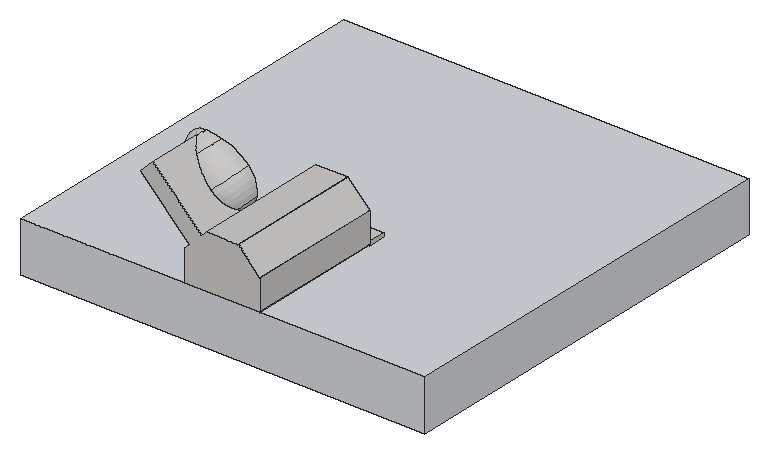
Revit family
Parameters (values of type "1418-AL-2-SPS-VAC")
  Waste Connection = yes
  WO3B - 3" Waste Outlet from 2-3/8" Waste (1.6 or 3.5 GPF) = no
  WO3 - 3" Toilet P-Trap (3.5 GPF Only) = no
  WFU = 0
  Vent Connection = no
  VG2 - Vent Grille, 8-3/4" x 13" (Bottom Only) = no
  VG1 - Vent Grille, 5-3/4" x 8-3/4" (L,R,LF,RF) = no
  VAC - AcornVac System = yes
  URL = "http://www.acornengineering.com"
  ULF-1.6 GPF = no
  TWE - 3" (76mm) Standard Toilet Waste Extension (Specify Length Beyond Fixture) = no
  TSC - Toilet Shipping Cover = no
  TH - Towel Hook (Single, Double, Left, Right) = no
  TG - 12 Gage (2.77mm) Cabinet = no
  TF - 120VAC to 24VAC Transformer = no
  T - Toothbrush Holder (Left, Right) = no
  SW - Wall Sleeve = no
  SPS - Suicide Prevention Skirt (On-Floor Model Only) = yes
  PT - P-Trap Waste = no
  PHB - Hemispherical Pushbutton = no
  PH - Paper Holder (L, R, C, LF, RF) = no
  PC - Pinned Cleanout Plug = no
  OF - Lavatory Overflow = no
  Model = "1418-AL-2-SPS-VAC"
  Manufacturer = "Acorn Engineering"
  MVCFV - Time-Trol Electronic Flush Valve = no
  MVC2-BAT - Time-Trol - Hot & Cold, Battery Operated = no
  MVC2 - Time-Trol - Hot & Cold = no
  MVC1-BAT - Time-Trol - Single Temp, Battery Operated = no
  MVC1 - Time-Trol - Single Temp = no
  MT - Metal Template (Only 1 Required Per Project) = no
  MH - Metering, Hot Side only = no
  MA - Manifolded Valve (2,3,4) = no
  M - Metering = no
  LWE - Lavy Waste 3" (76mm) Standard Extension (Specify Length Beyond Fixture) = no
  LW1 - Lavy Through-Wall Extension With P-Trap = no
  LPFV - Less Punching For Flush Valve = no
  LF - Lav-Filler = no
  IS - Integral Shelf = no
  HWFU = 0
  HW Connection = yes
  HS - Hinged Seat = no
  HPS - High Polish Seat #7 Finish = no
  HET-1.28 GPF = no
  HET - High Efficiency Toilet Design = no
  FW - Gasketed Toilet Waste = no
  FVT - Flush Valve Through Wall Connector = no
  FVO - Flush Valve Opposite Toilet = no
  FVH - Flush Valve, Hydraulic = no
  FVBO - Flush Valve by Others = no
  FV - Flush Valve, Mechanical = no
  FTE - Flood-Trol, Electronic = no
  FTA - Flood-Trol, Auto-Reset = no
  FT - Flood-Trol = no
  FMT - Fixture Mounted Trim = no
  EVSPFV - Electronic Flush Valve w/ Piezo Pushbutton = no
  EVSP2 - Electronic Valve System w/ Piezo Pushbuttons = no
  EVSP1 - Electronic Valve System w/ Piezo Pushbutton = no
  EVSFV - Electronic Flush Valve = no
  EVS2 - Electronic Valve System - Hot & Cold = no
  EVS1 - Electronic Valve System - Single Temp = no
  EG - Enviro-Glaze Toilet Interior (Specify Color) = no
  EG - Enviro-Glaze Exterior Only (Specify Color) = no
  Designed By = "ATS BIM Team"
  Description = "18\" Lav-Toilet Comby"
  Default Elevation = 15"
  Copyrighted By = "ATS"
  CWFU = 0
  CW Connection = yes
  CW - Combined Waste = no
  CT - Centered Toilet = no
  COH - Cleanout Hook Assembly = no
  CO1-3 - Cleanout w/ O-Ring Connection to No-Hub 3" = no
  CO1 - Cleanout With O-Ring Connecting To No-Hub 3" (76mm) = no
  CI - Cycle Interrupt for Time-Trol Valves = no
  BPH - Bubbler, Penal Hemispherical = no
  BP - Bubbler, Penal = no
  BC - Bubbler, Code = no
  Assembly Code = ""
  AR - Angled Right = no
  AL - Angled Left = yes
  3.5 GPF = no
  04 - Air-Control, H&C, Non-Metering = no
  03 - Air-Control, Single Temp, Non-Metering = no
Reference planes (in)
  plane 1 "Center (Front/Back)": y = -33.00007
  plane 2: z = 0
  plane 3 "Center (Left/Right)": x = 0
  plane 4: y = -45.12507
  plane 5: y = -48
  plane 6: z = 3.5821
  plane 7: x = 2
  plane 8: x = -2
  plane 9: z = 29.125
Forms (in)
  Extrusion 1, solid
    sketch origin (0, 0, 0) x (1, 0, 0) y (0, 1, 0)
      loop
        line (-48, 48) -> (-48, -48) -> (48, -48) -> (48, 48) -> (-48, 48)
    from 0 to -12
  Extrusion 2, solid, material "304 Stainless Steel"
    sketch origin (-9, -44.29468, 1.94576) x (1, 0, 0) y (0, 0, -1)
      loop
        line (5.2588, -10.67924) -> (12.6787, -10.67924)
        arc (12.6787, -10.67924) -> (12.74457, -10.66614) -> (12.80041, -10.62882) r 0.17213
        line (12.80041, -10.62882) -> (17.94959, -5.47965)
        arc (17.94959, -5.47965) -> (17.9869, -5.42381) -> (18, -5.35794) r 0.17213
        line (18, -5.35794) -> (18, 1.77161)
        arc (18, 1.77161) -> (17.94899, 1.89476) -> (17.82585, 1.94576) r 0.17415
        line (17.82585, 1.94576) -> (0, 1.94576) -> (0, -5.42044) -> (5.2588, -10.67924)
    from -3.70532 to 28.79461
  Revolve 3, void
    sketch origin (-8.92952, -15.50007, 1.95696) x (1, 0, 0) y (0, 0, -1)
      loop
        arc (13.22548, -8.6985) -> (15.52907, -7.16377) -> (16.42, -4.54304) r 4.3
        line (16.42, -4.54304) -> (1.58, -4.54304)
        arc (1.58, -4.54304) -> (2.47093, -7.16377) -> (4.77452, -8.6985) r 4.3
        arc (4.77452, -8.6985) -> (9, -9.25095) -> (13.22548, -8.6985) r 16.43588
      axis (1.58, -4.54304) -> (16.42, -4.54304)
    angle from 0 to 180
  Extrusion 4, void
    sketch origin (-9.0075, -45.29468, 1.94576) x (1, 0, 0) y (0, 0, -1)
      loop
        circle (9, -3.27304) r 1
    from 24.61475 to 25.77038
  Extrusion 5, solid, material "304 Stainless Steel"
    sketch origin (-9, -45.29468, 1.94576) x (0, 0, -1) y (0, 1, 0)
      loop
        line (0.94576, 33.79461) -> (0.94576, 29.79461) -> (1.94576, 29.79461) -> (1.94576, 33.79461) -> (0.94576, 33.79461)
    from 0 to 17.985
  Extrusion 6, solid, material "304 Stainless Steel"
    sketch origin (-8.84565, -48.00007, 0) x (1, 0, 0) y (0, 1, 0)
      loop
        circle (8.83815, 24.25) r 0.75
    from -2.99993 to 0
  Extrusion 7, solid, material "304 Stainless Steel"
    sketch origin (-8.6408, -48.00007, 0) x (1, 0, 0) y (0, 1, 0)
      loop
        circle (8.6333, 11.25) r 0.95
    from 0 to -2.99993
  Revolve 8, solid, material "304 Stainless Steel", not visible
    sketch origin (5.24178, -33.00007, -3.97222) x (-0.707107, 0, 0.707107) y (0.707107, 0, 0.707107)
      loop
        arc (24.68866, 7.60098) -> (26.94465, 10.4997) -> (28.41979, 13.86363) r 14.84375
        arc (28.41979, 13.86363) -> (28.83407, 15.68417) -> (29.00709, 17.54321) r 14.26901
        arc (29.00709, 17.54321) -> (28.73478, 19.15839) -> (27.87064, 20.54987) r 4.24051
        line (27.87064, 20.54987) -> (26.78788, 19.46712)
        arc (26.78788, 19.46712) -> (27.27408, 18.62314) -> (27.27131, 17.64913) r 1.875
        arc (27.27131, 17.64913) -> (25.94467, 13.94929) -> (24.05453, 10.50311) r 25
        arc (24.05453, 10.50311) -> (20.75186, 8.4942) -> (17.10936, 9.78859) r 4.5
        line (17.10936, 9.78859) -> (15.37005, 8.04929)
        arc (15.37005, 8.04929) -> (16.29128, 7.10506) -> (17.31003, 6.26698) r 12.07192
        arc (17.31003, 6.26698) -> (18.02774, 5.86456) -> (18.82172, 5.64857) r 3.36116
        arc (18.82172, 5.64857) -> (21.98589, 5.93151) -> (24.68866, 7.60098) r 6.90625
      axis (15.37005, 8.04929) -> (27.87064, 20.54987)
    angle from 0 to 180
  Extrusion 9, solid, material "304 Stainless Steel", not visible
    sketch origin (5.20815, -45.34168, -3.94334) x (-0.707107, 0, 0.707107) y (0.707107, 0, 0.707107)
      loop
        arc (19.55189, 7.10461) -> (16.61472, 9.31346) -> (14.54352, 12.34928) r 11.27945
        line (14.54352, 12.34928) -> (12.81701, 10.62277) -> (17.94353, 5.49625) -> (19.55189, 7.10461)
    from 8.3865 to 12.27961
  Extrusion 10, solid, material "304 Stainless Steel", not visible
    sketch origin (0, 0, 0) x (0, 1, 0) y (0, 0, 1)
      loop
        line (-48, 29.125) -> (-48, 12.625) -> (-35.16369, 12.625)
        arc (-35.16369, 12.625) -> (-38.4972, 21.05462) -> (-34.36929, 29.125) r 11
        line (-34.36929, 29.125) -> (-48, 29.125)
    from -2 to 2
  Revolve 11, solid, material "304 Stainless Steel"
    sketch origin (9.04947, -33.00007, 1.94384) x (-1, 0, 0) y (0, 0, 1)
      loop
        arc (24.68866, 7.60098) -> (26.94465, 10.4997) -> (28.41979, 13.86363) r 14.84375
        arc (28.41979, 13.86363) -> (28.83407, 15.68417) -> (29.00709, 17.54321) r 14.26901
        arc (29.00709, 17.54321) -> (28.73478, 19.15839) -> (27.87064, 20.54987) r 4.24051
        line (27.87064, 20.54987) -> (26.78788, 19.46712)
        arc (26.78788, 19.46712) -> (27.27408, 18.62314) -> (27.27131, 17.64913) r 1.875
        arc (27.27131, 17.64913) -> (25.94467, 13.94929) -> (24.05453, 10.50311) r 25
        arc (24.05453, 10.50311) -> (20.75186, 8.4942) -> (17.10936, 9.78859) r 4.5
        line (17.10936, 9.78859) -> (15.37005, 8.04929)
        arc (15.37005, 8.04929) -> (16.29128, 7.10506) -> (17.31003, 6.26698) r 12.07192
        arc (17.31003, 6.26698) -> (18.02774, 5.86456) -> (18.82172, 5.64857) r 3.36116
        arc (18.82172, 5.64857) -> (21.98589, 5.93151) -> (24.68866, 7.60098) r 6.90625
      axis (15.37005, 8.04929) -> (27.87064, 20.54987)
    angle from 0 to 180
  Extrusion 12, solid, material "304 Stainless Steel"
    sketch origin (2.53419, 0, 1.04613) x (0, 1, 0) y (-0.707107, 0, 0.707107)
      loop
        line (-48, 29.125) -> (-48, 12.625) -> (-35.16369, 12.625)
        arc (-35.16369, 12.625) -> (-38.4972, 21.05462) -> (-34.36929, 29.125) r 11
        line (-34.36929, 29.125) -> (-48, 29.125)
    from -2 to 2
Cuts and joins
  Revolve 3, Extrusion 4 cuts Extrusion 2
  joined: Extrusion 2, Extrusion 5, Revolve 11, Extrusion 12
Dimensions and locks (in)
  plane 4 to plane 5 = 2.87493"
  plane 3 "Center (Left/Right)" to plane 8 = 2"
  plane 7 to plane 3 "Center (Left/Right)" = 2"
  aligned and locked: plane 2 to Extrusion 1
  aligned and locked: level to Extrusion 1
  aligned and locked: Extrusion 2 to plane 5
Connectors (in)
  piping at (-0.0075, -23.75007, -2.99993)
    settings: on Extrusion 6, index 1
  piping at (-0.0075, -36.75007, -2.99993)
    settings: on Extrusion 7, index 3
